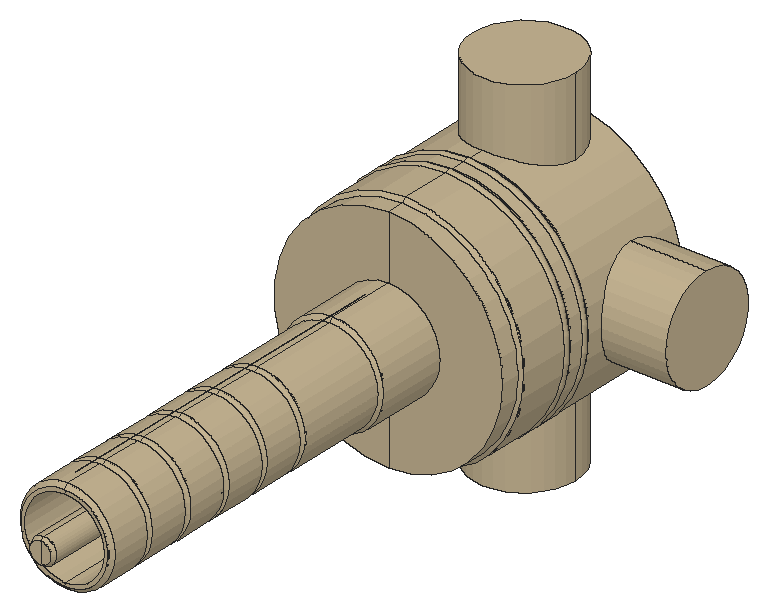
Revit family "Valve-Diverter-Waterworks-Universal-Two_Way", category Pipe Accessories, Revit 2014
Parameters (values of type "Pressure Balance Shower Systems")
  ‌Installation Requirements or Notes = "Valve rough-in depth is measured from the centerline of the inlets to the surface of the finished wall and varies depending on the trim and thermostatic valve being used. Refer to the valve Installation Guidelines for rough-in depth dimension information."  # constant formula
  Water Pressure = "Max: 85psi / Min: 20psi / Recommended: 45psi"  # constant formula
  Warranty = "http://www.waterworks.com/warranty"
  Version = "2014 - v1.0a"  # constant formula
  URL = "http://www.waterworks.com/"
  Support Phone = "(224) 699-9545"  # constant formula
  Support Email = "mailto:support@anguleris.com"
  Showerhead Outlet Diameter = 0' - 0 1/2"  # constant formula
  Showerhead Outlet Connection = "Outlet - Female NPT"  # constant formula
  Product Page URL = "http://www.waterworks.com/universal-two-way-diverter-valve-for-pressure-balance-shower-systems-gudv23"
  Product Name = if(Constraint = 1, "Universal Two Way Diverter Valve for Thermostatic Shower Systems", if(Constraint = 2, "Universal Two Way Diverter Valve for Pressure Balance Shower Systems", "Not Available"))  # "Universal Two Way Diverter Valve for Pressure Balance Shower Systems"
  Product Documentation Link = "http://assets.waterworks.com/wasset/49/original/34449.pdf"
  Pressure = 45.00 psi
  Model SKU = if(Constraint = 1, "26-79186-91093", if(Constraint = 2, "26-13288-17225", "Not Available"))  # "26-13288-17225"
  Model = if(Constraint = 1, "GUDV14", if(Constraint = 2, "GUDV23", "Not Available"))  # "GUDV23"
  Mixed Water Inlet Diameter = if(Constraint = 1, 0' 0 3/4", if(Constraint = 2, 0' 0 1/2", 0' 0 1/2"))  # 0' - 0 1/2"
  Mixed Water Inlet Connection = "Intlet - Female NPT"  # constant formula
  Material = ""
  Manufacturer Phone Number = "(203)546-6201"  # constant formula
  Manufacturer Email = "mailto:acallanan@waterworks.com"
  Manufacturer Address = "60 Backus Avenue, Danbury, CT 06810"  # constant formula
  Manufacturer = "Waterworks"  # constant formula
  Length = 0' - 3"  # constant formula
  Keynote = "22 40 00"
  Height = if(Constraint = 1, 0' 3 13/16", if(Constraint = 2, 0' 3 5/8", 0' 3 13/16"))  # 0' - 3 5/8"
  Outlet Connection Diameter = 0' - 0 1/2"  # constant formula
  Handshower Outlet Connection = "Outlet - Female NPT"  # constant formula
  Fittings Hole Diameter = 0' - 2 1/2"  # constant formula
  Finish = Metal - Waterworks - Unfinished
  Description = "Universal Two Way Diverter Valve for Thermostatic Shower Systems"  # constant formula
  Depth = if(Constraint = 1, 0' 6 1/2", if(Constraint = 2, 0' 6 3/8", 0' 6 1/2"))  # 0' - 6 3/8"
  Copyright = "@2017 Waterworks Operating Company LLC. All rights reserved"  # constant formula
  Constraint = 2
  Code Compliance = if(Constraint = 1, "Code # GUSV14: Complies with ASME A112.18.1/CSA B125. Certified with the State of MA", if(Constraint = 2, "Code # GUSV23: Complies with ASME A112.18.1/CSA B125. Certified with the State of MA", "Not Available"))  # "Code # GUSV23: Complies with ASME A112.18.1/CSA B125. Certified with the State of MA"
  Certification cUPC = 1 = 1  # yes
  Certification State of MA = 1 = 1  # yes
  Certification IAPMO = 1 = 1  # yes
  Assembly Code = "D2010"
  3/4" Inlet = if(Constraint = 1, 1 = 1, 1 = 0)  # no
  1/2" Inlet = not([3/4" Inlet])  # yes
Types (2): name | Product Page URL | Product Name | Product Documentation Link | Model SKU | Model | Mixed Water Inlet Diameter | Height | Depth | Constraint | Code Compliance | 3/4" Inlet | 1/2" Inlet
  Thermostatic Shower Systems | "http://www.waterworks.com/universal-two-way-diverter-valve-for-thermostatic-shower-systems-gudv14" | "Universal Two Way Diverter Valve for Thermostatic Shower Systems" | "http://assets.waterworks.com/wasset/27/original/34427.pdf" | "26-79186-91093" | "GUDV14" | 0' - 0 3/4" | 0' - 3 13/16" | 0' - 6 1/2" | 1 | "Code # GUSV14: Complies with ASME A112.18.1/CSA B125. Certified with the State of MA" | yes | no
  Pressure Balance Shower Systems | "http://www.waterworks.com/universal-two-way-diverter-valve-for-pressure-balance-shower-systems-gudv23" | "Universal Two Way Diverter Valve for Pressure Balance Shower Systems" | "http://assets.waterworks.com/wasset/49/original/34449.pdf" | "26-13288-17225" | "GUDV23" | 0' - 0 1/2" | 0' - 3 5/8" | 0' - 6 3/8" | 2 | "Code # GUSV23: Complies with ASME A112.18.1/CSA B125. Certified with the State of MA" | no | yes
Reference planes (in)
  plane 1 "Center (Front/Back)": z = 0
  plane 2 "Back": y = 0
  plane 3 "Center (Left/Right)": x = 0
  plane 4 "Top": z = 1.8125
  plane 5 "Right": x = 1.8125
  plane 6 "Bottom": z = -2
  plane 7 "Left": x = -1.1875
  plane 8: z = -1.8125
  plane 9: y = -2.1875
  plane 10 "Front": y = -6.5
  plane 11: y = -0.5
Forms (in)
  Revolve 1, solid, material "Metal - Waterworks - Unfinished", detail levels fine
    sketch origin (0, 0, 0) x (0, 0, 1) y (0, -1, 0)
      loop
        line (0, 0) -> (1.17126, 0) -> (1.17126, 1.16339) -> (1.14001, 1.16339)
        arc (1.14001, 1.16339) -> (1.18332, 1.20669) -> (1.14001, 1.25) r 0.04331
        line (1.14001, 1.25) -> (1.17126, 1.25) -> (1.17126, 1.3878) -> (1.14001, 1.3878)
        arc (1.14001, 1.3878) -> (1.18332, 1.4311) -> (1.14001, 1.47441) r 0.04331
        line (1.14001, 1.47441) -> (1.17126, 1.47441) -> (1.17126, 1.96703) -> (1.13583, 2.00246) -> (1.13583, 2.1875) -> (0.50787, 2.1875) -> (0.50787, 2.87402) -> (0.47244, 2.91339) -> (0.47244, 3.8044)
        arc (0.47244, 3.8044) -> (0.44291, 3.84252) -> (0.47244, 3.88064) r 0.03937
        line (0.47244, 3.88064) -> (0.47244, 4.27684)
        arc (0.47244, 4.27684) -> (0.44291, 4.31496) -> (0.47244, 4.35308) r 0.03937
        line (0.47244, 4.35308) -> (0.47244, 4.74928)
        arc (0.47244, 4.74928) -> (0.44291, 4.7874) -> (0.47244, 4.82552) r 0.03937
        line (0.47244, 4.82552) -> (0.47244, 5.22172)
        arc (0.47244, 5.22172) -> (0.44291, 5.25984) -> (0.47244, 5.29796) r 0.03937
        line (0.47244, 5.29796) -> (0.47244, 5.69416)
        arc (0.47244, 5.69416) -> (0.44291, 5.73228) -> (0.47244, 5.7704) r 0.03937
        line (0.47244, 5.7704) -> (0.47244, 6.16142) -> (0.43307, 6.20079) -> (0.3937, 6.20079) -> (0.3937, 2.1875) -> (0.12795, 2.1875) -> (0.12795, 6.46063) -> (0.10522, 6.5) -> (0, 6.5) -> (0, 0)
      axis (0, 6.5) -> (0, 0)
    angle from 0 to 360
  Extrusion 2, solid, material "Metal - Waterworks - Unfinished", detail levels fine
    sketch origin (0, 0, 0) x (0, 0, 1) y (0, -1, 0)
      loop
        circle (0, 0.5) r 0.3937
      loop
        circle (0, 0.5) r 0.1378
    from -1.1875 to 0
  Extrusion 3, solid, material "Metal - Waterworks - Unfinished", detail levels fine
    sketch origin (0, 0, 0) x (0, 0, 1) y (0, -1, 0)
      loop
        circle (0, 0.5) r 0.51181
    from 0 to 1.8125
  Extrusion 4, solid, material "Metal - Waterworks - Unfinished", visible <- "1/2" Inlet", detail levels fine
    sketch origin (0, 0, 0) x (1, 0, 0) y (0, 1, 0)
      loop
        circle (0, -0.5) r 0.51181
    from -1.8125 to 1.8125
  Extrusion 5, solid, material "Metal - Waterworks - Unfinished" <- "Finish", visible <- "3/4" Inlet", detail levels fine
    sketch origin (0, 0, 0) x (1, 0, 0) y (0, 1, 0)
      loop
        circle (0, -0.5) r 0.62992
    from -2 to 0
  Extrusion 6, solid, material "Metal - Waterworks - Unfinished" <- "Finish", visible <- "3/4" Inlet", detail levels fine
    sketch origin (0, 0, 0) x (1, 0, 0) y (0, 1, 0)
      loop
        circle (0, -0.5) r 0.51181
    from 0 to 1.8125
  Extrusion 7, void, detail levels fine
    sketch origin (0, 0, 0) x (-1, 0, 0) y (0, 0, 1)
      loop
        line (1.17126, 1.17126) -> (-1.17126, 1.17126) -> (-1.17126, -1.17126) -> (1.17126, -1.17126) -> (1.17126, 1.17126)
    from 0 to 0.25
Cuts and joins
  Extrusion 7 cuts Extrusion 5
  Extrusion 7 cuts Extrusion 6
  joined: Extrusion 5, Extrusion 6
  Extrusion 7 cuts Extrusion 3
Lines and regions (in)
  symbolic lines
    curve 1: line (0, -1, 1.375) -> (0, 0, 1.375)
    curve 2: line (0, -1, -1.375) -> (0, 0, -1.375)
    curve 3: line (0, -1, 1.375) -> (0, 0, -1.375)
    curve 4: line (0, -1, -1.375) -> (0, 0, 1.375)
    curve 5: line (0, -0.5, 0) -> (0, 0.5, 0)
    curve 6: line (0, 0.5, -0.375) -> (0, 0.5, 0.375)
    curve 7: arc (0, 0.5, -0.375) -> (0, 0.875, 0) -> (0, 0.5, 0.375) r 0.375
  model lines, detail levels coarse+medium
    curve 8: line (-0.5359, -0.5, -2) -> (0.5359, -0.5, 2)
    curve 9: line (0.5359, -0.5, -2) -> (-0.5359, -0.5, 2)
    curve 10: line (-0.5359, -0.5, 2) -> (0.5359, -0.5, 2)
    curve 11: line (-0.5359, -0.5, -2) -> (0.5359, -0.5, -2)
Dimensions and locks (in)
  plane 7 "Left" to plane 3 "Center (Left/Right)" to plane 5 "Right" = 0' - 1 3/16" locked, 0' - 1 13/16" locked
  plane 1 "Center (Front/Back)" to Revolve 1 sketch curve to Revolve 1 sketch curve to Revolve 1 sketch curve to Revolve 1 sketch curve to Revolve 1 sketch curve to Revolve 1 sketch curve to Revolve 1 sketch curve to Revolve 1 sketch curve to Revolve 1 sketch curve to Revolve 1 sketch curve to Revolve 1 sketch curve to Revolve 1 sketch curve to Revolve 1 sketch curve to Revolve 1 sketch curve to Revolve 1 sketch curve to Revolve 1 sketch curve to Revolve 1 sketch curve to Revolve 1 sketch curve to Revolve 1 sketch curve to Revolve 1 sketch curve to Revolve 1 sketch curve to Revolve 1 sketch curve to Revolve 1 sketch curve to Revolve 1 sketch curve to Revolve 1 sketch curve to Revolve 1 sketch curve to Revolve 1 sketch curve to Revolve 1 sketch curve to Revolve 1 sketch curve = 0' - 0.10522" locked, 0' - 0.02273" locked, 0' - 0.26575" locked, 0' - 0.03937" locked, 0' - 0.00984" locked, 0' - 0" locked, 0' - 0" locked, 0' - 0" locked, 0' - 0" locked, 0' - 0.02953" locked, 0' - 0" locked, 0' - 0" locked, 0' - 0" locked, 0' - 0" locked, 0' - 0" locked, 0' - 0.00984" locked, 0' - 0" locked, 0' - 0" locked, 0' - 0" locked, 0' - 0" locked, 0' - 0.02559" locked, 0' - 0.62795" locked, 0' - 0.00418" locked, 0' - 0" locked, 0' - 0 1/32" locked, 0' - 0" locked, 0' - 0" locked, 0' - 0.01206" locked, 0' - 0" locked
  Revolve 1 sketch curve to Revolve 1 sketch curve to Revolve 1 sketch curve to Revolve 1 sketch curve to Revolve 1 sketch curve to Revolve 1 sketch curve to Revolve 1 sketch curve to Revolve 1 sketch curve to Revolve 1 sketch curve to Revolve 1 sketch curve to plane 10 "Front" = 0' - 0.03937" locked, 0' - 0.92913" locked, 0' - 0.47244" locked, 0' - 0.47244" locked, 0' - 0.47244" locked, 0' - 0.47244" locked, 0' - 0.42913" locked, 0' - 0.03937" locked, 0' - 0.25984" locked, 0' - 0.03937" locked
  Revolve 1 sketch curve to Revolve 1 sketch curve to Revolve 1 sketch curve to Revolve 1 sketch curve to Revolve 1 sketch curve to Revolve 1 sketch curve to Revolve 1 sketch curve to Revolve 1 sketch curve to plane 9 = 0' - 0.04331" locked, 0' - 0.04331" locked, 0' - 0.1378" locked, 0' - 0.04331" locked, 0' - 0.04331" locked, 0' - 0.49262" locked, 0' - 0.03543" locked, 0' - 0.18504" locked
  Extrusion 7 sketch curve to plane 3 "Center (Left/Right)" to Extrusion 7 sketch curve = 0' - 1.17126" locked, 0' - 1.17126" locked
  Extrusion 7 sketch curve to plane 1 "Center (Front/Back)" to Extrusion 7 sketch curve = 0' - 1.17126" locked, 0' - 1.17126" locked
  locked: plane 3 "Center (Left/Right)" to Extrusion 6 sketch curve at 0.51181
  locked: plane 3 "Center (Left/Right)" to Extrusion 4 sketch curve at 0.51181
  locked: plane 3 "Center (Left/Right)" to Extrusion 5 sketch curve at 0.62992
  locked: plane 11 to Extrusion 3 sketch curve at 0.51181
  plane 11 to Extrusion 2 sketch curve to Extrusion 2 sketch curve = 0' - 0.1378" locked, 0' - 0.25591" locked
  aligned and locked: Revolve 1 sketch curve to plane 1 "Center (Front/Back)"  (x2)
  aligned and locked: plane 2 "Back" to Revolve 1 sketch curve
  aligned and locked: Revolve 1 sketch curve to plane 10 "Front"
  aligned and locked: Revolve 1 sketch curve to plane 9  (x2)
  aligned and locked: plane 2 "Back" to Extrusion 7
  aligned and locked: plane 11 to Extrusion 6 sketch curve
  aligned and locked: plane 3 "Center (Left/Right)" to Extrusion 6 sketch curve
  aligned and locked: plane 11 to Extrusion 4 sketch curve
  aligned and locked: plane 3 "Center (Left/Right)" to Extrusion 4 sketch curve
  aligned and locked: plane 11 to Extrusion 5 sketch curve
  aligned and locked: plane 3 "Center (Left/Right)" to Extrusion 5 sketch curve
  aligned and locked: plane 11 to Extrusion 3 sketch curve
  aligned and locked: plane 1 "Center (Front/Back)" to Extrusion 3 sketch curve
  aligned and locked: plane 11 to Extrusion 2 sketch curve  (x2)
  aligned and locked: plane 1 "Center (Front/Back)" to Extrusion 2 sketch curve  (x2)
Connectors (in)
  piping at (0, -0.5, -1.8125), diameter 0.5, driven by "Mixed Water Inlet Connection", driven by "Mixed Water Inlet Diameter"
    settings: on Extrusion 4, index 1, connector inside diameter 24", connector length 0' - 0", flow factor 0, pipe flow 0 GPM, pressure drop 0.00 psi, fitting loss kfactor 0, connector angle 0.00°, fixture units 0, engagement length 0' - 0", angle of deflection 0.00°, flow configuration 0, flow direction 1, fitting loss method 0, system type 29, joint type 0, gender type 0, connector reference index -1, connector utility 0, adjustable connector no, is connector primary yes, connector description "Intlet - Female NPT"
  piping at (1.8125, -0.5, 0), diameter 0.5, driven by "Handshower Outlet Connection", driven by "Outlet Connection Diameter"
    settings: on cut or joined group of Extrusion 3, Extrusion 7, index 2, connector inside diameter 24", connector length 0' - 0", flow factor 0, pipe flow 0 GPM, pressure drop 0.00 psi, fitting loss kfactor 0, connector angle 0.00°, fixture units 0, engagement length 0' - 0", angle of deflection 0.00°, flow configuration 0, flow direction 2, fitting loss method 0, system type 29, joint type 0, gender type 0, connector reference index -1, connector utility 0, adjustable connector no, is connector primary no, connector description "Outlet - Female NPT"
  piping at (0, -0.5, 1.8125), diameter 0.5, driven by "Showerhead Outlet Connection", driven by "Showerhead Outlet Diameter"
    settings: on Extrusion 4, index 3, connector inside diameter 24", connector length 0' - 0", flow factor 0, pipe flow 0 GPM, pressure drop 0.00 psi, fitting loss kfactor 0, connector angle 0.00°, fixture units 0, engagement length 0' - 0", angle of deflection 0.00°, flow configuration 0, flow direction 2, fitting loss method 0, system type 29, joint type 0, gender type 0, connector reference index -1, connector utility 0, adjustable connector no, is connector primary no, connector description "Outlet - Female NPT"
